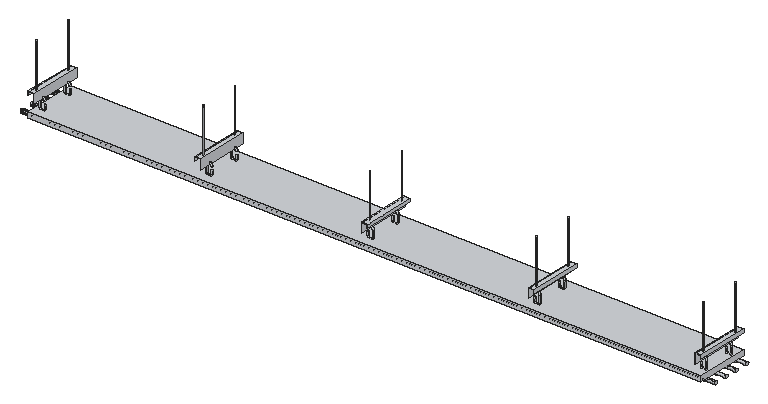
Revit family "INFRA_AQUA_ECO_TYPE_1", category Mechanical Equipment, Revit 2015
Parameters (values of type "Type 1 L=4000")
  Width = 306 mm
  URL = "http://www.markclimate.co.uk/radiant-heating/water-supplied/infra-aqua-eco/"
  Product_serie = "INFRA AQUA ECO"  # constant formula
  Pipe_spacing = 75 mm
  Panelweight [instance] = 12.40 kg
  Panel_height = 42 mm
  Model = "Type 1"
  Material_index = 4
  Material = none
  Manufacturer = "MARK Climate Technology"  # constant formula
  Length = Material_index * 1000 mm  # 4000 mm
  Last_panel [instance] = no
  Ifc_Export_type = "RADIATOR"  # constant formula
  Ifc_Export_as = "IfcSpaceHeater"  # constant formula
  Ifc_Description = "Radiant heater, waterfed, type INFRA AQUA ECO"  # constant formula
  Hook_panel = 28.302 mm
  Heating_load = 0 W
  Hanger_downforce_per_anchor [instance] = 12.16 kN
  First_panel [instance] = no
  Description = "Radiant heater, waterfed, type INFRA AQUA ECO"  # constant formula
  Date_last_modification = ""
  Ceiling_height = 350 mm
Types (3, lengths in mm): name | Panelweight | Material_index | Material | Length | Hanger_downforce_per_anchor
  (no name) | 12.40 kg | 4 | none | 4000 | 12.16 kN
  Type 1 L=4000 | 12.40 kg | 4 | none | 4000 | 12.16 kN
  Type 1 L=6000 | 18.50 kg | 6 | Aluminium | 6000 | 18.15 kN
Reference planes
  plane 1 "Center (Front/Back)": y = 0
  plane 2: z = 0
  plane 3 "Center (Left/Right)": x = 0
  plane 4: z = -12
  plane 5: x = -1945
  plane 6: x = 1945
  plane 7: x = 2000
  plane 8: x = -2000
  plane 9: z = -11
  plane 10: y = 153
  plane 11: y = -153
  plane 12: z = 30
  plane 13: y = -102.5
  plane 14: y = -122.5
  plane 15: y = -47.5
  plane 16: y = -27.5
  plane 17: y = 27.5
  plane 18: y = 47.5
  plane 19: y = 102.5
  plane 20: y = 122.5
  plane 21: z = 4
  plane 22: z = 58.302
  plane 23: x = -2015
  plane 24: y = 112.5
  plane 25: y = 37.5
  plane 26: y = -37.5
  plane 27: y = -112.5
  plane 28: z = -3.5
Forms (mm)
  Extrusion 1, solid, material <- "Material"
    sketch origin (0, 0, 0) x (0, 1, 0) y (0, 0, 1)
      loop
        spline (-122.5, 0) -> (-122.159, -3.106) -> (-121.16, -6) -> (-119.571, -8.485) -> (-117.5, -10.392) -> (-115.088, -11.591) -> (-112.5, -12) -> (-109.912, -11.591) -> (-107.5, -10.392) -> (-105.429, -8.485) -> (-103.84, -6) -> (-102.841, -3.106) -> (-102.5, 0)
        line (-102.5, 0) -> (-47.5, 0)
        spline (-47.5, 0) -> (-47.159, -3.106) -> (-46.16, -6) -> (-44.571, -8.485) -> (-42.5, -10.392) -> (-40.088, -11.591) -> (-37.5, -12) -> (-34.912, -11.591) -> (-32.5, -10.392) -> (-30.429, -8.485) -> (-28.84, -6) -> (-27.841, -3.106) -> (-27.5, 0)
        line (-27.5, 0) -> (27.5, 0)
        spline (27.5, 0) -> (27.841, -3.106) -> (28.84, -6) -> (30.429, -8.485) -> (32.5, -10.392) -> (34.912, -11.591) -> (37.5, -12) -> (40.088, -11.591) -> (42.5, -10.392) -> (44.571, -8.485) -> (46.16, -6) -> (47.159, -3.106) -> (47.5, 0)
        line (47.5, 0) -> (102.5, 0)
        spline (102.5, 0) -> (102.841, -3.106) -> (103.84, -6) -> (105.429, -8.485) -> (107.5, -10.392) -> (109.912, -11.591) -> (112.5, -12) -> (115.088, -11.591) -> (117.5, -10.392) -> (119.571, -8.485) -> (121.16, -6) -> (122.159, -3.106) -> (122.5, 0)
        line (122.5, 0) -> (153, 0) -> (153, 30) -> (-153, 30) -> (-153, 0) -> (-122.5, 0)
    from -1945 to 1945
  Extrusion 2, solid
    sketch origin (0, 0, 0) x (0, 1, 0) y (0, 0, 1)
      loop
        circle (-112.5, -3.5) r 7.5
      loop
        circle (-37.5, -3.5) r 7.5
      loop
        circle (37.5, -3.5) r 7.5
      loop
        circle (112.5, -3.5) r 7.5
    from -2000 to 2000
Dimensions and locks
  "Length": plane 8 to plane 7
  plane 8 to plane 5 = 55 mm
  locked: plane 6 to plane 7 at 55
  equal spacing: plane 5, plane 3 "Center (Left/Right)", plane 6
  "Width": plane 10 to plane 11
  "Hook_panel": plane 22 to plane 12
  equal spacing: nested 1, nested 3, nested 5, nested 4, nested 2
  "Panel_height": plane 12 to plane 4
  locked: plane 20 to plane 19 at 20
  locked: plane 18 to plane 17 at 20
  locked: plane 16 to plane 15 at 20
  locked: plane 13 to plane 14 at 20
  equal spacing: plane 10, plane 1 "Center (Front/Back)", plane 11
  equal spacing: plane 21, plane 28, plane 9
  "Pipe_spacing": plane 25 to plane 24
  "Pipe_spacing": plane 25 to plane 26
  "Pipe_spacing": plane 26 to plane 27
  equal spacing: plane 26, plane 1 "Center (Front/Back)", plane 25, locked at 37.5 each
  aligned and locked: level to plane 2
  aligned and locked: plane 6 to Extrusion 1
  aligned and locked: Extrusion 1 to plane 5
  aligned and locked: plane 11 to Extrusion 1
  aligned and locked: plane 10 to Extrusion 1  (x2)
  aligned and locked: plane 6 to nested 1
  aligned and locked: plane 5 to nested 2
  aligned and locked: nested 2 to plane 22
  aligned and locked: plane 8 to nested 9
  aligned and locked: nested 8 to plane 8
  aligned and locked: plane 8 to nested 7
  aligned and locked: plane 8 to nested 6
  aligned and locked: Extrusion 1 to plane 11
  aligned and locked: Extrusion 1 to plane 10
  aligned and locked: nested 2 to plane 10
  aligned and locked: plane 11 to nested 2
  aligned and locked: nested 4 to Extrusion 1  (x2)
  aligned and locked: Extrusion 1 to nested 5  (x2)
  aligned and locked: Extrusion 1 to nested 3  (x2)
  aligned and locked: nested 1 to Extrusion 1
  aligned and locked: Extrusion 1 to nested 1
  aligned and locked: plane 20 to Extrusion 1
  aligned and locked: plane 19 to Extrusion 1
  aligned and locked: plane 18 to Extrusion 1
  aligned and locked: plane 17 to Extrusion 1
  aligned and locked: plane 16 to Extrusion 1
  aligned and locked: plane 15 to Extrusion 1
  aligned and locked: plane 13 to Extrusion 1
  aligned and locked: plane 14 to Extrusion 1
  aligned and locked: Extrusion 2 to plane 7
  aligned and locked: plane 8 to Extrusion 2
  aligned and locked: plane 27 to Extrusion 2 sketch curve  (x2)
  aligned and locked: plane 24 to Extrusion 2 sketch curve  (x2)
  aligned and locked: plane 25 to Extrusion 2 sketch curve  (x2)
  aligned and locked: plane 26 to Extrusion 2 sketch curve  (x2)
  aligned and locked: nested 6 to plane 27
  aligned and locked: nested 7 to plane 26
  aligned and locked: nested 8 to plane 25
  aligned and locked: plane 24 to nested 9
Automatic sketch dimensions
  Extrusion 1 sketch curve to plane 11 = 0 mm
  Extrusion 1 sketch curve to level = 0 mm
  Extrusion 1 sketch curve to plane 14 = 0 mm
  Extrusion 1 sketch curve to plane 15 = 0 mm
  Extrusion 1 sketch curve to plane 16 = 0 mm
  Extrusion 1 sketch curve to plane 17 = 0 mm
  Extrusion 1 sketch curve to plane 18 = 0 mm
  Extrusion 1 sketch curve to plane 19 = 0 mm
  Extrusion 1 sketch curve to plane 10 = 0 mm
  Extrusion 1 sketch curve to plane 12 = 0 mm
  Extrusion 1 sketch curve to plane 20 = 0 mm
  Extrusion 1 sketch curve to plane 13 = 0 mm
  Extrusion 2 sketch curve to plane 21 = 0 mm
  Extrusion 2 sketch curve to plane 9 = 0 mm  (x4)
  Extrusion 2 sketch curve to plane 28 = 0 mm  (x3)
Nested families
  nested 1: "NLRS_50_ME_WPB_ophanging Infra Aqua ECO_Mark" at (1928, 0, 43.302), Ceiling_height <- "Ceiling_height", type "1p"
    with artikelnummer "", Length 306 mm, GTIN_Code "", EAN_code "", Ceiling_height 350 mm
  nested 2: "NLRS_50_ME_WPB_ophanging Infra Aqua ECO_Mark" at (-1928, 0, 43.302) x (-1, 0, 0) z (0, 0, 1), Ceiling_height <- "Ceiling_height", type "1p"
    with artikelnummer "", Length 306 mm, GTIN_Code "", EAN_code "", Ceiling_height 350 mm
  nested 3: "NLRS_50_ME_WPB_ophanging Infra Aqua ECO_Mark" at (964, 0, 43.302), Ceiling_height <- "Ceiling_height", type "1p"
    with artikelnummer "", Length 306 mm, GTIN_Code "", EAN_code "", Ceiling_height 350 mm
  nested 4: "NLRS_50_ME_WPB_ophanging Infra Aqua ECO_Mark" at (-964, 0, 43.302) x (-1, 0, 0) z (0, 0, 1), Ceiling_height <- "Ceiling_height", type "1p"
    with artikelnummer "", Length 306 mm, GTIN_Code "", EAN_code "", Ceiling_height 350 mm
  nested 5: "NLRS_50_ME_WPB_ophanging Infra Aqua ECO_Mark" at (0, 0, 43.302), Ceiling_height <- "Ceiling_height", type "1p"
    with artikelnummer "", Length 306 mm, GTIN_Code "", EAN_code "", Ceiling_height 350 mm
  nested 6: "NLRS_50_PIF_UN_perskoppeling_MARK" at (-2000, -112.5, -3.5), type "ø15"
    with artikelnummer "", GTIN_Code "", EAN_code ""
  nested 7: "NLRS_50_PIF_UN_perskoppeling_MARK" at (-2000, -37.5, -3.5), type "ø15"
    with artikelnummer "", GTIN_Code "", EAN_code ""
  nested 8: "NLRS_50_PIF_UN_perskoppeling_MARK" at (-2000, 37.5, -3.5), type "ø15"
    with artikelnummer "", GTIN_Code "", EAN_code ""
  nested 9: "NLRS_50_PIF_UN_perskoppeling_MARK" at (-2000, 112.5, -3.5), type "ø15"
    with artikelnummer "", GTIN_Code "", EAN_code ""
Definition of nested family "NLRS_50_ME_WPB_ophanging Infra Aqua ECO_Mark"
  Parameters (values of type "3p")
    product_serie = ""
    Ceiling_height [instance] = 350 mm
    artikelnummer [instance] = ""
    Type Comments = ""
    Model = ""
    Material = none
    Length [instance] = 302 mm
    IfcExportType = ""
    IfcExportAs = ""
    IfcDescription = ""
    GTIN_Code [instance] = ""
    EAN_code [instance] = ""
    Distance_between_hooks = 180 mm
    Description = "Suspention set"  # constant formula
  Types (5, lengths in mm): name | Length
    1p | 302
    2p | 619
    3p | 302
    4p | 1283
    Std | 1283
  Reference planes
    plane 1 "Center (Front/Back)": y = 0
    plane 2: z = 0
    plane 3 "Center (Left/Right)": x = 0
    plane 4: y = 151
    plane 5: y = -151
    plane 6: y = 90
    plane 7: y = -90
  Forms (mm)
    Extrusion 1, solid
      sketch origin (0, 0, 0) x (1, 0, 0) y (0, 0, 1)
        loop
          line (-15, 40) -> (-15, 93) -> (15, 93) -> (15, 75) -> (17, 75) -> (17, 95) -> (-17, 95) -> (-17, 40) -> (-15, 40)
      from 151 to -151
    Extrusion 2, solid
      sketch origin (0, 0, 0) x (1, 0, 0) y (0, 1, 0)
        loop
          circle (0, 113.25) r 1.5
        loop
          circle (0, -113.25) r 1.5
      from 95 to 350
    Sweep 3, solid
      path origin (-34, 90, 1200) x (1, 0, 0) y (0, 0, 1)
        loop
          arc (3, -1165) -> (18, -1150) -> (33, -1165) r 15
          line (33, -1165) -> (33, -1205)
          arc (33, -1205) -> (18, -1220) -> (3, -1205) r 15
          line (3, -1205) -> (3, -1185)
      profile origin (-31, 90, 5) x (-1, 0, 0) y (0, -1, 0)
        loop
          circle (0, 0) r 3
    Sweep 4, solid
      path origin (-34, -90, 1200) x (1, 0, 0) y (0, 0, 1)
        loop
          arc (3, -1165) -> (18, -1150) -> (33, -1165) r 15
          line (33, -1165) -> (33, -1205)
          arc (33, -1205) -> (18, -1220) -> (3, -1205) r 15
          line (3, -1205) -> (3, -1185)
      profile origin (-31, -90, 5) x (1, 0, 0) y (0, 1, 0)
        loop
          circle (0, 0) r 3
  Text (mm)
    text "®  Itannex" at (-0.074, 40.744, 0), in view "Ref. Level"
  Dimensions and locks
    Extrusion 1 sketch curve to plane 2 = 40 mm
    Extrusion 1 sketch curve to Extrusion 1 sketch curve = 55 mm
    "Ceiling_height": Extrusion 2 to plane 2
    "Length": plane 5 to plane 4
    equal spacing: plane 4, plane 1 "Center (Front/Back)", plane 5
    plane 4 to Extrusion 2 sketch curve = 37.75 mm
    plane 5 to Extrusion 2 sketch curve = 37.75 mm
    "Distance_between_hooks": plane 6 to plane 7
    equal spacing: plane 6, plane 1 "Center (Front/Back)", plane 7
    aligned and locked: level to plane 2
    aligned and locked: plane 4 to Extrusion 1
    aligned and locked: plane 5 to Extrusion 1
  Automatic sketch dimensions
    Extrusion 1 sketch curve to plane 3 "Center (Left/Right)" = 17 mm
    Extrusion 1 sketch curve to Extrusion 1 sketch curve = 2 mm  (x3)
    plane 3 "Center (Left/Right)" to Extrusion 1 sketch curve = 15 mm
    Extrusion 1 sketch curve to Extrusion 1 sketch curve = 20 mm
    Extrusion 2 sketch curve to plane 3 "Center (Left/Right)" = 0 mm  (x2)
    Sweep 3 sketch curve to level = 5 mm
    Sweep 3 sketch curve to plane 3 "Center (Left/Right)" = 31 mm
    Sweep 3 sketch curve to Sweep 3 sketch curve = 15 mm  (x2)
    level to Sweep 3 sketch curve = 35 mm
    level to Sweep 3 sketch curve = 15 mm
    Sweep 3 sketch curve to profile plane = 0 mm
    profile plane to Sweep 3 sketch curve = 0 mm
    level to Sweep 4 sketch curve = 5 mm
    plane 3 "Center (Left/Right)" to Sweep 4 sketch curve = 31 mm
    Sweep 4 sketch curve to Sweep 4 sketch curve = 15 mm  (x2)
    Sweep 4 sketch curve to level = 35 mm
    Sweep 4 sketch curve to level = 15 mm
    Sweep 4 sketch curve to plane 7 = 0 mm
    Sweep 4 sketch curve to profile plane = 0 mm
    radius of Extrusion 2 sketch curve = 1.5 mm  (x2)
    radius of Sweep 3 sketch curve = 3 mm
    radius of Sweep 4 sketch curve = 3 mm
Definition of nested family "NLRS_50_PIF_UN_perskoppeling_MARK"
  Parameters (values of type "ø15")
    type_index = 0
    Radius = 7.5 mm
    product_serie = ""
    material_index = 0
    Lenght = 30 mm
    artikelnummer [instance] = ""
    Type Comments = ""
    NLRS_C_materiaal = none
    Model = "LOD400"
    Manufacturer = "Mark Climate Technology"  # constant formula
    IfcExportType = "UNION"  # constant formula
    IfcExportAs = "IfcPipeFitting"  # constant formula
    IfcDescription = Description  # "Press connection"
    GTIN_Code [instance] = ""
    EAN_code [instance] = ""
    Description = "Press connection"  # constant formula
    Date_last_modification = ""
  Reference planes
    plane 1 "Center (Front/Back)": y = 0
    plane 2: z = 0
    plane 3 "Center (Left/Right)": x = 0
  Forms (mm)
    Revolve 1, solid, material <- "NLRS_C_materiaal"
      sketch origin (0, 0, 0) x (1, 0, 0) y (0, 1, 0)
        loop
          line (-15, 7.5) -> (15, 7.5) -> (15, 9)
          arc (15, 9) -> (14, 10) -> (13, 9) r 1
          line (13, 9) -> (13, 8) -> (0.5, 8) -> (0.5, 9)
          arc (0.5, 9) -> (0, 9.5) -> (-0.5, 9) r 0.5
          line (-0.5, 9) -> (-0.5, 8) -> (-13, 8) -> (-13, 9)
          arc (-13, 9) -> (-14, 10) -> (-15, 9) r 1
          line (-15, 9) -> (-15, 7.5)
        axis (-15, 0) -> (15, 0)
      angle from 0 to 360
  Text (mm)
    text "®  Itannex" at (-0.074, 40.744, 0), in view "Ref. Level"
  Dimensions and locks
    "Radius": plane 1 "Center (Front/Back)" to Revolve 1 sketch curve
    Revolve 1 sketch curve to Revolve 1 sketch curve = 0.5 mm
    equal spacing: Revolve 1 sketch curve, plane 3 "Center (Left/Right)", Revolve 1 sketch curve
    Revolve 1 sketch curve to Revolve 1 sketch curve = 1.5 mm  (x3)
    "Lenght": Revolve 1 sketch curve to Revolve 1 sketch curve
    aligned and locked: level to plane 2
  Automatic sketch dimensions
    plane 1 "Center (Front/Back)" to Revolve 1 sketch curve = 0 mm
    Revolve 1 sketch curve to plane 3 "Center (Left/Right)" = 0 mm
    Revolve 1 sketch curve to Revolve 1 sketch curve = 1 mm  (x2)
    Revolve 1 sketch curve to plane 3 "Center (Left/Right)" = 0.5 mm
    Revolve 1 sketch curve to Revolve 1 sketch curve = 2 mm
    Revolve 1 sketch curve to Revolve 1 sketch curve = 3.224 mm
    Revolve 1 sketch curve to Revolve 1 sketch curve = 5.775 mm
